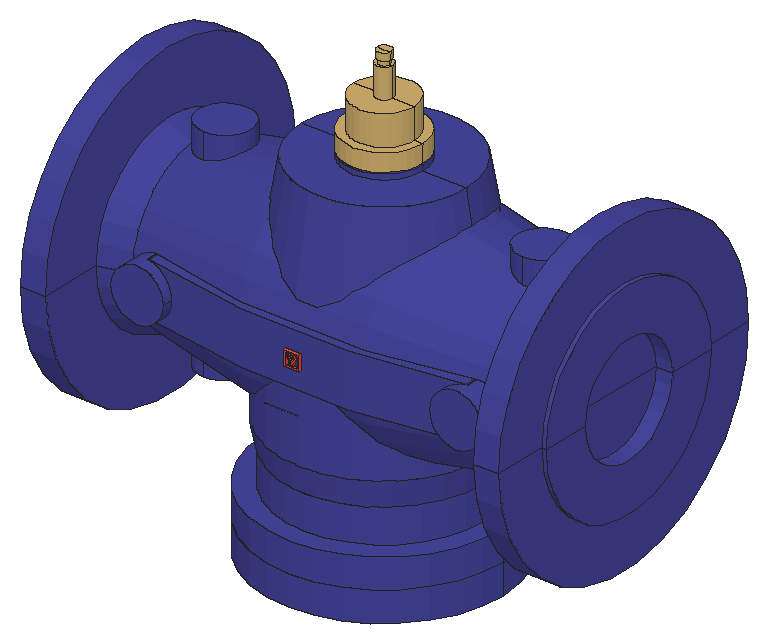
Revit family "Two port control valves 4035_PN16", category Rohrzubehör, Revit 2020
Family settings
  Bemaßung runder Anschluss = Durchmesser verwenden
  Teiletyp = Unterbricht
  OmniClass-Nummer = 23.65.55.14
  OmniClass-Titel = Valves for Liquid Services
  Arbeitsebenenbasiert = Nein
  Immer vertikal = Ja
  Beim Laden mit Abzugskörper schneiden = Nein
  Gemeinsam genutzt = Nein
Parameters (values of type "kvs63")
  kvs63 = yes
  kvs6.3 = no
  kvs40 = no
  kvs4 = no
  kvs330 = no
  kvs250 = no
  kvs25 = no
  kvs2.5 = no
  kvs160 = no
  kvs16 = no
  kvs100 = no
  kvs10 = no
  kvs1.6 = no
  kvs1 = no
  Weight [instance] = size_lookup("4035_PN16", "Gewicht", 25, Nennweite)  # 25
  Vorgabe-Ansicht = 0 mm
  Valve seat material = "WN1.4021"  # constant formula
  Valve cone material = "WN1.4021/brass"  # constant formula
  Valve curve characteristic = "equal percentage"  # constant formula
  URL = "www.herzvalves.com"
  Stem material = "WN1.4404"  # constant formula
  SCTWSEQ = "FW;SBT_TYP_FW=\"101\";2"
  SCTWCODE = "04;05;02"  # constant formula
  SCRNSEQ = "ARM;ARM_TYP=\"DURR\";2"
  SCRNCODE = "05;06;02"  # constant formula
  R14 = 4 mm  # constant formula
  R13 = 3 mm  # constant formula
  R12 = 5 mm  # constant formula
  R11 [instance] = size_lookup("4035_PN16", "R11", 18 mm, Nennweite)  # 18 mm
  R10 [instance] = size_lookup("4035_PN16", "R10", 23 mm, Nennweite)  # 23 mm
  R09 [instance] = size_lookup("4035_PN16", "R9", 49 mm, Nennweite)  # 49 mm
  R08 [instance] = R00 + 3 mm  # 68 mm
  R07 [instance] = size_lookup("4035_PN16", "R7", 15.5 mm, Nennweite)  # 15.5 mm
  R06 [instance] = size_lookup("4035_PN16", "R6", 15.5 mm, Nennweite)  # 15.5 mm
  R05 [instance] = size_lookup("4035_PN16", "R5", 62.5 mm, Nennweite)  # 62.5 mm
  R04 [instance] = size_lookup("4035_PN16", "R4", 59.5 mm, Nennweite)  # 59.5 mm
  R03 [instance] = size_lookup("4035_PN16", "R3", 43 mm, Nennweite)  # 71 mm
  R02 [instance] = size_lookup("4035_PN16", "R2", 43 mm, Nennweite)  # 43 mm
  R01 [instance] = size_lookup("4035_PN16", "R1", 55.5 mm, Nennweite)  # 55.5 mm
  R00 [instance] = size_lookup("4035_PN16", "R", 65 mm, Nennweite)  # 65 mm
  Part number [instance] = if(and(kvs1, Nennweite = 15 mm), 403501, if(and(kvs1.6, Nennweite = 15 mm), 403511, if(and(kvs2.5, Nennweite = 15 mm), 403521, if(and(kvs4, Nennweite = 15 mm), 403531, if(and(kvs6.3, Nennweite = 25 mm), 403503, if(and(kvs10, Nennweite = 25 mm), 403513, if(and(kvs16, Nennweite = 32 mm), 403504, if(and(kvs25, Nennweite = 40 mm), 403505, if(and(kvs40, Nennweite = 50 mm), 403516, if(and(kvs63, Nennweite = 65 mm), 403507, if(and(kvs100, Nennweite = 80 mm), 403508, if(and(kvs160, Nennweite = 100 mm), 403509, if(and(kvs250, Nennweite = 125 mm), 403510, if(and(kvs330, Nennweite = 150 mm), 403541, 0))))))))))))))  # 403507
  PN = 16  # constant formula
  Nennweite [instance] = 65 mm
  min. Operating temperature = 5 °C  # constant formula
  max. Operating temperature = 150 °C  # constant formula
  max. Operating pressure = 1600000.0 Pa  # constant formula
  Medium = "water purity in accordance with the ÖNORM H 5195 and VDI 2035 standards."
  LO1 [instance] = size_lookup("4035_PN16", "LO1", 28.5 mm, Nennweite)  # 68 mm
  L07 [instance] = L06 - R06  # 94.5 mm
  L06 [instance] = size_lookup("4035_PN16", "L6", 110 mm, Nennweite)  # 110 mm
  L05 [instance] = D00  # 92.5 mm
  L03 = 10 mm  # constant formula
  L02 [instance] = size_lookup("4035_PN16", "L2", 15 mm, Nennweite)  # 15 mm
  L01 = 3 mm  # constant formula
  L00 [instance] = size_lookup("4035_PN16", "L", 145 mm, Nennweite)  # 145 mm
  Hersteller = "Herz-Armaturen GmbH"  # constant formula
  H18 [instance] = 17.5 mm  # constant formula
  H15 = 4 mm  # constant formula
  H14 [instance] = size_lookup("4035_PN16", "H14", 17 mm, Nennweite)  # 17 mm
  H13 [instance] = size_lookup("4035_PN16", "H13", 18 mm, Nennweite)  # 18 mm
  H12 [instance] = size_lookup("4035_PN16", "H12", 10.5 mm, Nennweite)  # 10.5 mm
  H11 [instance] = size_lookup("4035_PN16", "H11", 52.5 mm, Nennweite)  # 52.5 mm
  H10 [instance] = size_lookup("4035_PN16", "H10", 135.4 mm, Nennweite)  # 135.4 mm
  H09 = 3 mm  # constant formula
  H08 [instance] = size_lookup("4035_PN16", "H8", 79 mm, Nennweite)  # 79 mm
  H07 [instance] = R00  # 65 mm
  H06 [instance] = size_lookup("4035_PN16", "H6", 59 mm, Nennweite)  # 59 mm
  H05 [instance] = size_lookup("4035_PN16", "H5", 20 mm, Nennweite)  # 20 mm
  H04 [instance] = size_lookup("4035_PN16", "H4", 17 mm, Nennweite)  # 17 mm
  H02 [instance] = size_lookup("4035_PN16", "H2", 38 mm, Nennweite)  # 38 mm
  H03 [instance] = size_lookup("4035_PN16", "H3", 112 mm, Nennweite)  # 112 mm
  H01 [instance] = size_lookup("4035_PN16", "H1", 14 mm, Nennweite)  # 18 mm
  Valve body material = "EN-GJL-250 (EN 1561)"  # constant formula
  Sealing element material = "70EPDM"  # constant formula
  DN80 [instance] = Nennweite = 80 mm  # no
  DN65 [instance] = Nennweite = 65 mm  # yes
  DN50 [instance] = Nennweite = 50 mm  # no
  DN40 [instance] = Nennweite = 40 mm  # no
  DN32 [instance] = Nennweite = 32 mm  # no
  DN25 [instance] = Nennweite = 25 mm  # no
  DN150 [instance] = Nennweite = 150 mm  # no
  DN15 [instance] = Nennweite = 15 mm  # no
  DN125 [instance] = Nennweite = 125 mm  # no
  DN100 [instance] = Nennweite = 100 mm  # no
  D02 [instance] = Nennweite / 2  # 32.5 mm
  D01 [instance] = size_lookup("4035_PN16", "D1", 61 mm, Nennweite)  # 61 mm
  D00 [instance] = size_lookup("4035_PN16", "D", 92.5 mm, Nennweite)  # 92.5 mm
  built-in parameter 1010103 = ""
  Description = "the two port flanged valve is primarily designed to control the flow of circulation water in district heating and HVAC systems, as well as for remote closing of heating pipelines.\r\ncirculation medium should be cold, warm and hot water in temperature range from 5°C to 150°C.\r\nthe valve can be utilized in almost all heating, ventilation and air-conditioning systems and in industrial and technological processes.\r\nthe valve curve is equal percentage.\r\nregulation ratio (ratio between nominal and minimal flow coefficient) is 30:1.\r\nthe selection of the two port flanged valve is according to the diagram of kvs values.\r\n\r\nFor PN16: Valve is closed when the stem is out. valve is open when the stem is depressed."
  Type of connection = "EN 1092-2"  # constant formula
Types (15, lengths in mm): name | kvs63 | kvs6.3 | kvs40 | kvs4 | kvs330 | kvs250 | kvs25 | kvs2.5 | kvs160 | kvs16 | kvs100 | kvs10 | kvs1.6 | kvs1 | Weight | R11 | R10 | R09 | R08 | R07 | R06 | R05 | R04 | R03 | R02 | R01 | R00 | Part number | Nennweite | Medium | LO1 | L07 | L06 | L05 | L02 | L00 | H14 | H13 | H12 | H11 | H10 | H08 | H07 | H06 | H05 | H04 | H02 | H03 | H01 | DN80 | DN65 | DN50 | DN40 | DN32 | DN25 | DN150 | DN15 | DN125 | DN100 | D02 | D01 | D00
  (no name) | yes | no | no | no | no | no | no | no | no | no | no | no | no | no | 25 | 18 | 23 | 49 | 68 | 15.5 | 15.5 | 62.5 | 59.5 | 71 | 43 | 55.5 | 65 | 403507 | 65 | "water purity in accordance with the ÖNORM H 5195 and VDI 2035 standards." | 68 | 94.5 | 110 | 92.5 | 15 | 145 | 17 | 18 | 10.5 | 52.5 | 135.4 | 79 | 65 | 59 | 20 | 17 | 38 | 112 | 18 | no | yes | no | no | no | no | no | no | no | no | 32.5 | 61 | 92.5
  kvs1 | no | no | no | no | no | no | no | no | no | no | no | no | no | yes | 5 | 10 | 15 | 19.5 | 29.5 | 6 | 6 | 24 | 21 | 32.5 | 14 | 17 | 26.5 | 403501 | 15 | "water purity in accordance with the ÖNORM H 5195 and VDI 2035 standards." | 27.5 | 34 | 40 | 47.5 | 11 | 65 | 13 | 14 | 6.8 | 40.8 | 80.3 | 36.5 | 26.5 | 24.5 | 5 | 13 | 11 | 49 | 14 | no | no | no | no | no | no | no | yes | no | no | 7.5 | 22.5 | 47.5
  kvs1.6 | no | no | no | no | no | no | no | no | no | no | no | no | yes | no | 5 | 10 | 15 | 19.5 | 29.5 | 6 | 6 | 24 | 21 | 32.5 | 14 | 17 | 26.5 | 403511 | 15 | "water purity in accordance with the ÖNORM H 5195 and VDI 2035 standards" | 27.5 | 34 | 40 | 47.5 | 11 | 65 | 13 | 14 | 6.8 | 40.8 | 80.3 | 36.5 | 26.5 | 24.5 | 5 | 13 | 11 | 49 | 14 | no | no | no | no | no | no | no | yes | no | no | 7.5 | 22.5 | 47.5
  kvs2.5 | no | no | no | no | no | no | no | yes | no | no | no | no | no | no | 5 | 10 | 15 | 19.5 | 29.5 | 6 | 6 | 24 | 21 | 32.5 | 14 | 17 | 26.5 | 403521 | 15 | "water purity in accordance with the ÖNORM H 5195 and VDI 2035 standards" | 27.5 | 34 | 40 | 47.5 | 11 | 65 | 13 | 14 | 6.8 | 40.8 | 80.3 | 36.5 | 26.5 | 24.5 | 5 | 13 | 11 | 49 | 14 | no | no | no | no | no | no | no | yes | no | no | 7.5 | 22.5 | 47.5
  kvs4 | no | no | no | yes | no | no | no | no | no | no | no | no | no | no | 5 | 10 | 15 | 19.5 | 29.5 | 6 | 6 | 24 | 21 | 32.5 | 14 | 17 | 26.5 | 403531 | 15 | "water purity in accordance with the ÖNORM H 5195 and VDI 2035 standards" | 27.5 | 34 | 40 | 47.5 | 11 | 65 | 13 | 14 | 6.8 | 40.8 | 80.3 | 36.5 | 26.5 | 24.5 | 5 | 13 | 11 | 49 | 14 | no | no | no | no | no | no | no | yes | no | no | 7.5 | 22.5 | 47.5
  kvs6.3 | no | yes | no | no | no | no | no | no | no | no | no | no | no | no | 8 | 10 | 15 | 19.5 | 41 | 7 | 7 | 35.5 | 32.5 | 44 | 19.5 | 28.5 | 38 | 403503 | 25 | "water purity in accordance with the ÖNORM H 5195 and VDI 2035 standards" | 40 | 45 | 52 | 57.5 | 13 | 80 | 13 | 14 | 6.8 | 40.8 | 88.3 | 44.5 | 38 | 35 | 5 | 15 | 3 | 64 | 16 | no | no | no | no | no | yes | no | no | no | no | 12.5 | 34 | 57.5
  kvs10 | no | no | no | no | no | no | no | no | no | no | no | yes | no | no | 8 | 10 | 15 | 19.5 | 41 | 7 | 7 | 35.5 | 32.5 | 44 | 19.5 | 28.5 | 38 | 403513 | 25 | "water purity in accordance with the ÖNORM H 5195 and VDI 2035 standards" | 40 | 45 | 52 | 57.5 | 13 | 80 | 13 | 14 | 6.8 | 40.8 | 88.3 | 44.5 | 38 | 35 | 5 | 15 | 3 | 64 | 16 | no | no | no | no | no | yes | no | no | no | no | 12.5 | 34 | 57.5
  kvs16 | no | no | no | no | no | no | no | no | no | yes | no | no | no | no | 11.5 | 10 | 15 | 20.5 | 46 | 9 | 9 | 40.5 | 37.5 | 49 | 24.5 | 33.5 | 43 | 403504 | 32 | "water purity in accordance with the ÖNORM H 5195 and VDI 2035 standards" | 45 | 51 | 60 | 70 | 13 | 90 | 17 | 18 | 10.5 | 52.5 | 102 | 46.5 | 43 | 39 | 15 | 15 | 4 | 84 | 16 | no | no | no | no | yes | no | no | no | no | no | 16 | 39 | 70
  kvs25 | no | no | no | no | no | no | yes | no | no | no | no | no | no | no | 13 | 10 | 15 | 20.5 | 51 | 12 | 12 | 45.5 | 42.5 | 54 | 29 | 38.5 | 48 | 403505 | 40 | "water purity in accordance with the ÖNORM H 5195 and VDI 2035 standards" | 50 | 56 | 68 | 75 | 13 | 100 | 17 | 18 | 10.5 | 52.5 | 112 | 56.5 | 48 | 43 | 20 | 15 | 1 | 94 | 16 | no | no | no | yes | no | no | no | no | no | no | 20 | 44 | 75
  kvs63 | yes | no | no | no | no | no | no | no | no | no | no | no | no | no | 25 | 18 | 23 | 49 | 68 | 15.5 | 15.5 | 62.5 | 59.5 | 71 | 43 | 55.5 | 65 | 403507 | 65 | "water purity in accordance with the ÖNORM H 5195 and VDI 2035 standards." | 68 | 94.5 | 110 | 92.5 | 15 | 145 | 17 | 18 | 10.5 | 52.5 | 135.4 | 79 | 65 | 59 | 20 | 17 | 38 | 112 | 18 | no | yes | no | no | no | no | no | no | no | no | 32.5 | 61 | 92.5
  kvs100 | no | no | no | no | no | no | no | no | no | no | yes | no | no | no | 31 | 18 | 23 | 49 | 76 | 15.5 | 15.5 | 70.5 | 67.5 | 79 | 51 | 63.5 | 73 | 403508 | 80 | "water purity in accordance with the ÖNORM H 5195 and VDI 2035 standards" | 77 | 99.5 | 115 | 100 | 17 | 155 | 17 | 18 | 10.5 | 52.5 | 168.5 | 113 | 73 | 65 | 20 | 19 | 46 | 125 | 20 | yes | no | no | no | no | no | no | no | no | no | 40 | 69 | 100
  kvs160 | no | no | no | no | no | no | no | no | yes | no | no | no | no | no | 46 | 30 | 35 | 61 | 86 | 20.5 | 20.5 | 80.5 | 77.5 | 89 | 61 | 73.5 | 83 | 403509 | 100 | "water purity in accordance with the ÖNORM H 5195 and VDI 2035 standards" | 88 | 112.5 | 133 | 110 | 17 | 175 | 21 | 22 | 14.2 | 64.2 | 189.7 | 122.5 | 83 | 73 | 25 | 19 | 65 | 135 | 20 | no | no | no | no | no | no | no | no | no | yes | 50 | 79 | 110
  kvs250 | no | no | no | no | no | yes | no | no | no | no | no | no | no | no | 72 | 30 | 35 | 61 | 101 | 20.5 | 20.5 | 95.5 | 92.5 | 104 | 76 | 88.5 | 98 | 403510 | 125 | "water purity in accordance with the ÖNORM H 5195 and VDI 2035 standards" | 103 | 134.5 | 155 | 125 | 19 | 200 | 21 | 22 | 14.2 | 64.2 | 231 | 163.5 | 98 | 80 | 30 | 21 | 44 | 158 | 21 | no | no | no | no | no | no | no | no | yes | no | 62.5 | 94 | 125
  kvs330 | no | no | no | no | yes | no | no | no | no | no | no | no | no | no | 91 | 30 | 35 | 61 | 113 | 20.5 | 20.5 | 107.5 | 104.5 | 116 | 88 | 100.5 | 110 | 403541 | 150 | "water purity in accordance with the ÖNORM H 5195 and VDI 2035 standards" | 115 | 174.5 | 195 | 142.5 | 19 | 240 | 21 | 22 | 14.2 | 64.2 | 237.5 | 170 | 110 | 85 | 25 | 21 | 42 | 153 | 21 | no | no | no | no | no | no | yes | no | no | no | 75 | 106 | 142.5
  kvs40 | no | no | yes | no | no | no | no | no | no | no | no | no | no | no | 16 | 18 | 23 | 49 | 56 | 13.5 | 13.5 | 52.5 | 49.5 | 61 | 34 | 45.5 | 53 | 403516 | 50 | "water purity in accordance with the ÖNORM H 5195 and VDI 2035 standards" | 56 | 66.5 | 80 | 82.5 | 15 | 115 | 17 | 18 | 10.5 | 52.5 | 122 | 66.5 | 53 | 43 | 1 | 15 | 42 | 67 | 18 | no | no | yes | no | no | no | no | no | no | no | 25 | 51 | 82.5
Reference planes
  plane 1 "Mitte (Vorne/hinten)": y = 0
  plane 2: z = 0
  plane 3 "Mitte (Links/rechts)": x = 0
Forms (mm)
  Revolve 1, solid, material "kunststoff-BLAU", detail levels fine
    sketch origin (1065, 0, 0) x (1, 0, 0) y (0, 1, 0)
      loop
        line (-1207, 61) -> (-1210, 61) -> (-1210, 32.5) -> (-1200, 32.5) -> (-1200, 0) -> (-930, 0) -> (-930, 32.5) -> (-920, 32.5) -> (-920, 61) -> (-923, 61) -> (-923, 92.5) -> (-938, 92.5) -> (-938, 55.5) -> (-955, 49.943)
        arc (-955, 49.943) -> (-1065, 65) -> (-1175, 49.943) r 409.331
        line (-1175, 49.943) -> (-1192, 55.5) -> (-1192, 92.5) -> (-1207, 92.5) -> (-1207, 61)
      axis (-920, 0) -> (-1210, 0)
    angle from 0 to 360
  Extrusion 2, solid, material "kunststoff-BLAU", detail levels fine
    sketch origin (0, 0, 0) x (-1, 0, 0) y (0, 0, -1)
      loop
        circle (94.5, 0) r 15.5
      loop
        circle (-94.5, 0) r 15.5
    from -65 to 65
  Extrusion 3, solid, material "kunststoff-BLAU", visible <- "DN65", detail levels fine
    sketch origin (0, 0, 0) x (1, 0, 0) y (0, 1, 0)
      loop
        arc (-95, -56.907) -> (0, -68) -> (95, -56.907) r 412.331
        line (95, -56.907) -> (95, 56.907)
        arc (95, 56.907) -> (0, 68) -> (-95, 56.907) r 412.331
        line (-95, 56.907) -> (-95, -56.907)
    from -15.5 to 15.5
  Revolve 4, solid, material "kunststoff-BLAU", detail levels fine
    sketch origin (0, 0, 0) x (1, 0, 0) y (0, 0, 1)
      loop
        line (-49, 79) -> (-62.5, 0) -> (0, 0) -> (0, 82) -> (-23, 82) -> (-23, 79) -> (-49, 79)
      axis (0, 82) -> (0, 0)
    angle from 0 to 360
  Revolve 5, solid, material "kunststoff-BLAU", detail levels fine
    sketch origin (0, 0, 0) x (1, 0, 0) y (0, 0, 1)
      loop
        line (0, 0) -> (-62.5, 0) -> (-62.5, -59) -> (-59.5, -74.5) -> (-59.5, -94.5) -> (-71, -94.5) -> (-71, -112) -> (0, -112) -> (0, 0)
      axis (0, 0) -> (0, -112)
    angle from 0 to 360
  Revolve 6, solid, material "kunststoff-BLAU", detail levels fine
    sketch origin (0, 0, 0) x (1, 0, 0) y (0, 0, 1)
      loop
        line (0, -112) -> (-71, -112) -> (-71, -130) -> (0, -130) -> (0, -112)
      axis (0, -112) -> (0, -130)
    angle from 0 to 360
  Extrusion 7, solid, material "kunststoff-BLAU", detail levels fine
    sketch origin (0, 0, 0) x (0, -1, 0) y (1, 0, 0)
      loop
        circle (0, -94.5) r 15.5
      loop
        circle (0, 94.5) r 15.5
    from -65 to 65
  Extrusion 8, solid, material "kunststoff-BLAU", visible <- "DN150", detail levels fine
    sketch origin (0, 0, 0) x (1, 0, 0) y (0, 1, 0)
      loop
        arc (-179.5, -78.475) -> (0, -115) -> (179.5, -78.475) r 459.331
        line (179.5, -78.475) -> (179.5, 78.475)
        arc (179.5, 78.475) -> (0, 115) -> (-179.5, 78.475) r 459.331
        line (-179.5, 78.475) -> (-179.5, -78.475)
    from -20.5 to 20.5
  Extrusion 9, solid, material "kunststoff-BLAU", visible <- "DN125", detail levels fine
    sketch origin (0, 0, 0) x (1, 0, 0) y (0, 1, 0)
      loop
        arc (-134.5, -82.301) -> (0, -103) -> (134.5, -82.301) r 447.331
        line (134.5, -82.301) -> (134.5, 82.301)
        arc (134.5, 82.301) -> (0, 103) -> (-134.5, 82.301) r 447.331
        line (-134.5, 82.301) -> (-134.5, -82.301)
    from -20.5 to 20.5
  Extrusion 10, solid, material "kunststoff-BLAU", visible <- "DN100", detail levels fine
    sketch origin (0, 0, 0) x (1, 0, 0) y (0, 1, 0)
      loop
        arc (-112.5, -73.106) -> (0, -88) -> (112.5, -73.106) r 432.331
        line (112.5, -73.106) -> (112.5, 73.106)
        arc (112.5, 73.106) -> (0, 88) -> (-112.5, 73.106) r 432.331
        line (-112.5, 73.106) -> (-112.5, -73.106)
    from -20.5 to 20.5
  Extrusion 11, solid, material "kunststoff-BLAU", visible <- "DN80", detail levels fine
    sketch origin (0, 0, 0) x (1, 0, 0) y (0, 1, 0)
      loop
        line (99.5, -65.083) -> (99.5, 65.083)
        arc (99.5, 65.083) -> (0, 77) -> (-99.5, 65.083) r 421.331
        line (-99.5, 65.083) -> (-99.5, -65.083)
        arc (-99.5, -65.083) -> (0, -77) -> (99.5, -65.083) r 421.331
    from -15.5 to 15.5
  Extrusion 12, solid, material "kunststoff-BLAU", visible <- "DN50", detail levels fine
    sketch origin (0, 0, 0) x (1, 0, 0) y (0, 1, 0)
      loop
        arc (-66.5, -50.44) -> (0, -56.006) -> (66.5, -50.44) r 400.05
        line (66.5, -50.44) -> (66.5, 50.44)
        arc (66.5, 50.44) -> (0, 56.006) -> (-66.5, 50.44) r 400.05
        line (-66.5, 50.44) -> (-66.5, -50.44)
    from -13.5 to 13.5
  Extrusion 13, solid, material "kunststoff-BLAU", visible <- "DN40", detail levels fine
    sketch origin (0, 0, 0) x (1, 0, 0) y (0, 1, 0)
      loop
        arc (-56, -46.003) -> (0, -50) -> (56, -46.003) r 394.331
        line (56, -46.003) -> (56, 46.003)
        arc (56, 46.003) -> (0, 50) -> (-56, 46.003) r 394.331
        line (-56, 46.003) -> (-56, -46.003)
    from -12 to 12
  Extrusion 14, solid, material "kunststoff-BLAU", visible <- "DN32", detail levels fine
    sketch origin (0, 0, 0) x (1, 0, 0) y (0, 1, 0)
      loop
        arc (-51, -41.645) -> (0, -45) -> (51, -41.645) r 389.331
        line (51, -41.645) -> (51, 41.645)
        arc (51, 41.645) -> (0, 45) -> (-51, 41.645) r 389.331
        line (-51, 41.645) -> (-51, -41.645)
    from -9 to 9
  Extrusion 15, solid, material "kunststoff-BLAU", visible <- "DN25", detail levels fine
    sketch origin (0, 0, 0) x (1, 0, 0) y (0, 1, 0)
      loop
        line (45, -37.356) -> (45, 37.356)
        arc (45, 37.356) -> (0, 40) -> (-45, 37.356) r 384.331
        line (-45, 37.356) -> (-45, -37.356)
        arc (-45, -37.356) -> (0, -40) -> (45, -37.356) r 384.331
    from -7 to 7
  Extrusion 16, solid, material "kunststoff-BLAU", visible <- "DN15", detail levels fine
    sketch origin (0, 0, 0) x (1, 0, 0) y (0, 1, 0)
      loop
        line (-34, 25.942) -> (-34, -25.942)
        arc (-34, -25.942) -> (0, -27.5) -> (34, -25.942) r 371.831
        line (34, -25.942) -> (34, 25.942)
        arc (34, 25.942) -> (0, 27.5) -> (-34, 25.942) r 371.831
    from -6 to 6
  Revolve 17, solid, material "Messing-poliert", detail levels fine
    sketch origin (0, 0, 0) x (1, 0, 0) y (0, 0, 1)
      loop
        line (-23, 93.4) -> (-23, 82.9) -> (0, 82.9) -> (0, 135.4) -> (-4, 135.4) -> (-4, 131.4) -> (-3, 131.4) -> (-3, 128.4) -> (-5, 128.4) -> (-5, 111.4) -> (-18, 111.4) -> (-18, 93.4) -> (-23, 93.4)
      axis (0, 135.4) -> (0, 82.9)
    angle from 0 to 360
Lines and regions (mm)
  model lines, detail levels coarse+medium
    curve 1: line (145, 0, 92.5) -> (145, 0, -92.5)
    curve 2: line (145, 0, -92.5) -> (-145, 0, 92.5)
    curve 3: line (-145, 0, 92.5) -> (-145, 0, -92.5)
    curve 4: line (-145, 0, -92.5) -> (145, 0, 92.5)
    curve 5: line (145, 92.5, 0) -> (145, -92.5, 0)
    curve 6: line (145, -92.5, 0) -> (-145, 92.5, 0)
    curve 7: line (-145, 92.5, 0) -> (-145, -92.5, 0)
    curve 8: line (-145, -92.5, 0) -> (145, 92.5, 0)
Dimensions and locks
  "L00": Revolve 1 sketch curve to plane 3 "Mitte (Links/rechts)" to Revolve 1 sketch curve
  "D00": plane 1 "Mitte (Vorne/hinten)" to Revolve 1 sketch curve  (x2)
  "D02": plane 1 "Mitte (Vorne/hinten)" to Revolve 1 sketch curve  (x2)
  "L01": Revolve 1 sketch curve to Revolve 1 sketch curve  (x2)
  "L02": Revolve 1 sketch curve to Revolve 1 sketch curve  (x2)
  "D01": plane 1 "Mitte (Vorne/hinten)" to Revolve 1 sketch curve  (x2)
  "R01": plane 1 "Mitte (Vorne/hinten)" to Revolve 1 sketch curve  (x2)
  "R00": Revolve 1 sketch curve to Revolve 1 sketch curve
  "L03": Revolve 1 sketch curve to Revolve 1 sketch curve  (x2)
  "H01": Revolve 6 sketch curve to Revolve 6 sketch curve
  "R03": plane 3 "Mitte (Links/rechts)" to Revolve 6 sketch curve
  "R03": Revolve 5 sketch curve to Revolve 5 sketch curve
  "H03": plane 2 to Revolve 5 sketch curve
  "H06": Revolve 5 sketch curve to Revolve 5 sketch curve
  "R04": Revolve 5 sketch curve to Revolve 5 sketch curve
  "R05": Revolve 5 sketch curve to Revolve 5 sketch curve
  "H05": Revolve 5 sketch curve to Revolve 5 sketch curve
  "L06": Revolve 1 sketch curve to plane 3 "Mitte (Links/rechts)" to Revolve 1 sketch curve
  "H03": plane 2 to Revolve 6 sketch curve
  "R09": Revolve 4 sketch curve to Revolve 4 sketch curve
  "R05": Revolve 4 sketch curve to Revolve 4 sketch curve
  "H07": Extrusion 7 to plane 2 to Extrusion 7  (x2)
  "L07": plane 3 "Mitte (Links/rechts)" to Extrusion 7 sketch curve
  "L07": Extrusion 7 sketch curve to plane 3 "Mitte (Links/rechts)"
  "H07": Extrusion 2 to plane 1 "Mitte (Vorne/hinten)"  (x3)
  "L07": plane 3 "Mitte (Links/rechts)" to Extrusion 2 sketch curve
  "L07": Extrusion 2 sketch curve to plane 3 "Mitte (Links/rechts)"
  "H07": plane 1 "Mitte (Vorne/hinten)" to Extrusion 2
  "H08": Revolve 4 sketch curve to plane 2
  "H09": Revolve 4 sketch curve to Revolve 4 sketch curve
  "R10": plane 3 "Mitte (Links/rechts)" to Revolve 4 sketch curve
  "H11": Revolve 17 sketch curve to Revolve 17 sketch curve
  "H10": Revolve 17 sketch curve to plane 2
  "R10": plane 3 "Mitte (Links/rechts)" to Revolve 17 sketch curve
  "H12": Revolve 17 sketch curve to Revolve 17 sketch curve
  "H13": Revolve 17 sketch curve to Revolve 17 sketch curve
  "H14": Revolve 17 sketch curve to Revolve 17 sketch curve
  "H15": Revolve 17 sketch curve to Revolve 17 sketch curve
  "R14": plane 3 "Mitte (Links/rechts)" to Revolve 17 sketch curve
  "R13": plane 3 "Mitte (Links/rechts)" to Revolve 17 sketch curve
  "R11": plane 3 "Mitte (Links/rechts)" to Revolve 17 sketch curve
  "R12": plane 3 "Mitte (Links/rechts)" to Revolve 17 sketch curve
  "LO1": nested 1 to plane 1 "Mitte (Vorne/hinten)"
  "H18": Revolve 5 sketch curve to Revolve 6
  "D00": curve 3 to plane 2 to curve 4
  "D00": curve 4 to plane 2 to curve 2
  "L00": curve 3 to plane 3 "Mitte (Links/rechts)" to curve 1
  "D00": curve 8 to plane 1 "Mitte (Vorne/hinten)" to curve 7
  "D00": curve 5 to plane 1 "Mitte (Vorne/hinten)" to curve 8
  "L00": curve 7 to plane 3 "Mitte (Links/rechts)" to curve 5
  "R06": radius of Extrusion 7 sketch curve  (x2)
  "R07": radius of Extrusion 2 sketch curve  (x2)
  aligned and locked: level to plane 2
Automatic sketch dimensions
  Extrusion 3 sketch curve to plane 1 "Mitte (Vorne/hinten)" = 56.907 mm  (x2)
  Extrusion 3 sketch curve to plane 3 "Mitte (Links/rechts)" = 0 mm  (x2)
  Extrusion 3 sketch curve to Extrusion 3 sketch curve = 113.814 mm
  Extrusion 3 sketch curve to Extrusion 3 sketch curve = 287.425 mm
  Extrusion 3 sketch curve to plane 1 "Mitte (Vorne/hinten)" = 344.331 mm
  plane 3 "Mitte (Links/rechts)" to Extrusion 3 sketch curve = 95 mm
  Extrusion 8 sketch curve to plane 3 "Mitte (Links/rechts)" = 0 mm  (x2)
  Extrusion 8 sketch curve to plane 1 "Mitte (Vorne/hinten)" = 78.475 mm  (x2)
  plane 1 "Mitte (Vorne/hinten)" to Extrusion 8 sketch curve = 78.475 mm
  Extrusion 8 sketch curve to plane 3 "Mitte (Links/rechts)" = 179.5 mm
  Extrusion 8 sketch curve to Extrusion 8 sketch curve = 265.857 mm
  Extrusion 8 sketch curve to plane 1 "Mitte (Vorne/hinten)" = 344.331 mm
  plane 3 "Mitte (Links/rechts)" to Extrusion 9 sketch curve = 134.5 mm
  plane 1 "Mitte (Vorne/hinten)" to Extrusion 9 sketch curve = 82.301 mm  (x2)
  Extrusion 9 sketch curve to plane 3 "Mitte (Links/rechts)" = 0 mm  (x2)
  Extrusion 9 sketch curve to Extrusion 9 sketch curve = 262.031 mm  (x2)
  Extrusion 9 sketch curve to plane 1 "Mitte (Vorne/hinten)" = 82.301 mm
  Extrusion 10 sketch curve to plane 3 "Mitte (Links/rechts)" = 0 mm  (x2)
  plane 1 "Mitte (Vorne/hinten)" to Extrusion 10 sketch curve = 73.106 mm
  Extrusion 10 sketch curve to plane 3 "Mitte (Links/rechts)" = 112.5 mm
  Extrusion 10 sketch curve to Extrusion 10 sketch curve = 271.225 mm
  Extrusion 10 sketch curve to plane 1 "Mitte (Vorne/hinten)" = 344.331 mm
  Extrusion 10 sketch curve to plane 1 "Mitte (Vorne/hinten)" = 73.106 mm  (x2)
  Extrusion 11 sketch curve to plane 3 "Mitte (Links/rechts)" = 0 mm  (x2)
  plane 1 "Mitte (Vorne/hinten)" to Extrusion 11 sketch curve = 65.083 mm  (x2)
  Extrusion 11 sketch curve to plane 3 "Mitte (Links/rechts)" = 99.5 mm
  Extrusion 11 sketch curve to Extrusion 11 sketch curve = 279.249 mm
  Extrusion 11 sketch curve to plane 1 "Mitte (Vorne/hinten)" = 344.331 mm
  Extrusion 11 sketch curve to plane 1 "Mitte (Vorne/hinten)" = 65.083 mm
  Extrusion 12 sketch curve to plane 3 "Mitte (Links/rechts)" = 0 mm  (x2)
  Extrusion 12 sketch curve to plane 3 "Mitte (Links/rechts)" = 66.5 mm
  plane 3 "Mitte (Links/rechts)" to Extrusion 12 sketch curve = 66.5 mm
  plane 1 "Mitte (Vorne/hinten)" to Extrusion 12 sketch curve = 344.044 mm
  plane 1 "Mitte (Vorne/hinten)" to Extrusion 12 sketch curve = 50.44 mm
  Extrusion 12 sketch curve to plane 1 "Mitte (Vorne/hinten)" = 50.44 mm
  Extrusion 12 sketch curve to Extrusion 12 sketch curve = 293.604 mm
  Extrusion 13 sketch curve to plane 3 "Mitte (Links/rechts)" = 0 mm  (x2)
  Extrusion 13 sketch curve to plane 3 "Mitte (Links/rechts)" = 56 mm
  plane 3 "Mitte (Links/rechts)" to Extrusion 13 sketch curve = 56 mm
  plane 1 "Mitte (Vorne/hinten)" to Extrusion 13 sketch curve = 344.331 mm
  plane 1 "Mitte (Vorne/hinten)" to Extrusion 13 sketch curve = 46.003 mm
  Extrusion 13 sketch curve to plane 1 "Mitte (Vorne/hinten)" = 46.003 mm
  Extrusion 13 sketch curve to Extrusion 13 sketch curve = 298.328 mm
  Extrusion 14 sketch curve to plane 3 "Mitte (Links/rechts)" = 0 mm  (x2)
  Extrusion 14 sketch curve to plane 3 "Mitte (Links/rechts)" = 51 mm
  plane 3 "Mitte (Links/rechts)" to Extrusion 14 sketch curve = 51 mm
  plane 1 "Mitte (Vorne/hinten)" to Extrusion 14 sketch curve = 344.331 mm
  plane 1 "Mitte (Vorne/hinten)" to Extrusion 14 sketch curve = 41.645 mm
  Extrusion 14 sketch curve to plane 1 "Mitte (Vorne/hinten)" = 41.645 mm
  Extrusion 14 sketch curve to Extrusion 14 sketch curve = 302.686 mm
  Extrusion 15 sketch curve to plane 3 "Mitte (Links/rechts)" = 0 mm  (x2)
  Extrusion 15 sketch curve to plane 3 "Mitte (Links/rechts)" = 45 mm
  plane 3 "Mitte (Links/rechts)" to Extrusion 15 sketch curve = 45 mm
  plane 1 "Mitte (Vorne/hinten)" to Extrusion 15 sketch curve = 344.331 mm
  plane 1 "Mitte (Vorne/hinten)" to Extrusion 15 sketch curve = 37.356 mm
  Extrusion 15 sketch curve to plane 1 "Mitte (Vorne/hinten)" = 37.356 mm
  Extrusion 15 sketch curve to Extrusion 15 sketch curve = 306.975 mm
  Extrusion 16 sketch curve to plane 3 "Mitte (Links/rechts)" = 0 mm  (x2)
  Extrusion 16 sketch curve to plane 3 "Mitte (Links/rechts)" = 34 mm
  plane 3 "Mitte (Links/rechts)" to Extrusion 16 sketch curve = 34 mm
  plane 1 "Mitte (Vorne/hinten)" to Extrusion 16 sketch curve = 344.331 mm
  plane 1 "Mitte (Vorne/hinten)" to Extrusion 16 sketch curve = 25.942 mm
  Extrusion 16 sketch curve to plane 1 "Mitte (Vorne/hinten)" = 25.942 mm
  Extrusion 16 sketch curve to Extrusion 16 sketch curve = 318.389 mm
  Revolve 1 sketch curve to plane 1 "Mitte (Vorne/hinten)" = 0 mm
  Revolve 1 sketch curve to plane 3 "Mitte (Links/rechts)" = 0 mm
  plane 1 "Mitte (Vorne/hinten)" to Revolve 1 sketch curve = 0 mm
  plane 1 "Mitte (Vorne/hinten)" to Revolve 1 sketch curve = 344.331 mm
  Revolve 1 sketch curve to Revolve 1 sketch curve = 1855 mm  (x2)
  Extrusion 2 sketch curve to level = 0 mm  (x2)
  Revolve 4 sketch curve to level = 0 mm
  Revolve 4 sketch curve to plane 3 "Mitte (Links/rechts)" = 0 mm  (x2)
  Revolve 4 sketch curve to Revolve 4 sketch curve = 366.045 mm
  Revolve 4 sketch curve to Revolve 4 sketch curve = 2132.315 mm
  Revolve 5 sketch curve to level = 0 mm
  Revolve 5 sketch curve to plane 3 "Mitte (Links/rechts)" = 0 mm  (x2)
  Revolve 5 sketch curve to Revolve 5 sketch curve = 254.045 mm
  level to Revolve 5 sketch curve = 2214.315 mm
  Revolve 6 sketch curve to plane 3 "Mitte (Links/rechts)" = 0 mm  (x2)
  Revolve 6 sketch curve to Revolve 6 sketch curve = 0 mm
  level to Revolve 6 sketch curve = 2214.315 mm
  plane 1 "Mitte (Vorne/hinten)" to Extrusion 7 sketch curve = 0 mm  (x2)
  Revolve 17 sketch curve to plane 3 "Mitte (Links/rechts)" = 0 mm  (x2)
  Revolve 17 sketch curve to level = 366.045 mm
  Revolve 17 sketch curve to Revolve 17 sketch curve = 2079.815 mm
Nested families
  nested 1: "Herz-Logo-vorne" at (-0.018, -68, 0) x (0, 1, 0) z (0, 0, 1), type "Herz-Logo-vorne", detail levels fine
Connectors
  piping at (-145, 0, 0), diameter 65, driven by "Nennweite"
    settings: on Revolve 1, index 1, connector inside diameter 609.6 mm, connector length 0 mm, flow factor 0, pipe flow 0.0 L/s, pressure drop 0.0 Pa, fitting loss kfactor 0, connector angle 0.00°, fixture units 0, engagement length 0 mm, angle of deflection 0.00°, flow configuration 0, flow direction 1, fitting loss method 0, system type 29, joint type 0, gender type 0, connector reference index -1, connector utility 0, adjustable connector no, is connector primary yes, connector description ""
  piping at (145, 0, 0), diameter 65, driven by "Nennweite"
    settings: on Revolve 1, index 2, connector inside diameter 609.6 mm, connector length 0 mm, flow factor 0, pipe flow 0.0 L/s, pressure drop 0.0 Pa, fitting loss kfactor 0, connector angle 0.00°, fixture units 0, engagement length 0 mm, angle of deflection 0.00°, flow configuration 0, flow direction 2, fitting loss method 0, system type 29, joint type 0, gender type 0, connector reference index -1, connector utility 0, adjustable connector no, is connector primary no, connector description ""
Definition of nested family "Herz-Logo-vorne"
  Parameters (values of type "Herz-Logo-vorne")
    Default Elevation = 0 mm
  Reference planes
    plane 1 "Mitte (Vorne/hinten)": y = 0
    plane 2: z = 0
    plane 3 "Mitte (Links/rechts)": x = 0
  Forms (mm)
    Extrusion 1, solid
      sketch origin (0.732, -0.018, 0.017) x (0, -1, 0) y (0, 0, 1)
        loop
          line (-0.018, -4.517) -> (4.482, -4.517) -> (4.482, 4.483) -> (-4.518, 4.483) -> (-4.518, -4.517) -> (-0.018, -4.517)
        loop
          line (-0.05, -3.48) -> (3.482, -3.48) -> (3.482, 3.483) -> (-3.518, 3.483) -> (-3.518, -3.48) -> (-0.05, -3.48)
        loop
          arc (-0.018, 2.383) -> (-1.543, 3.287) -> (-3.067, 2.383) r 1.738
          arc (-3.067, 2.383) -> (-3.191, 1.899) -> (-3.067, 1.415) r 1.009
          line (-3.067, 1.415) -> (-0.018, -3.281) -> (3.032, 1.415)
          arc (3.032, 1.415) -> (3.156, 1.899) -> (3.032, 2.383) r 1.009
          arc (3.032, 2.383) -> (1.507, 3.287) -> (-0.018, 2.383) r 1.738
        loop
          arc (1.885, 1.272) -> (2.005, 1.675) -> (1.885, 2.079) r 0.74
          arc (1.885, 2.079) -> (1.265, 2.416) -> (0.644, 2.079) r 0.74
          line (0.644, 2.079) -> (-0.018, 0.97) -> (-0.679, 2.079)
          arc (-0.679, 2.079) -> (-1.3, 2.416) -> (-1.921, 2.079) r 0.74
          arc (-1.921, 2.079) -> (-2.04, 1.675) -> (-1.921, 1.272) r 0.74
          line (-1.921, 1.272) -> (-0.018, -1.658) -> (1.885, 1.272)
      from 0 to 1.5
  Dimensions and locks
    aligned and locked: level to plane 2
